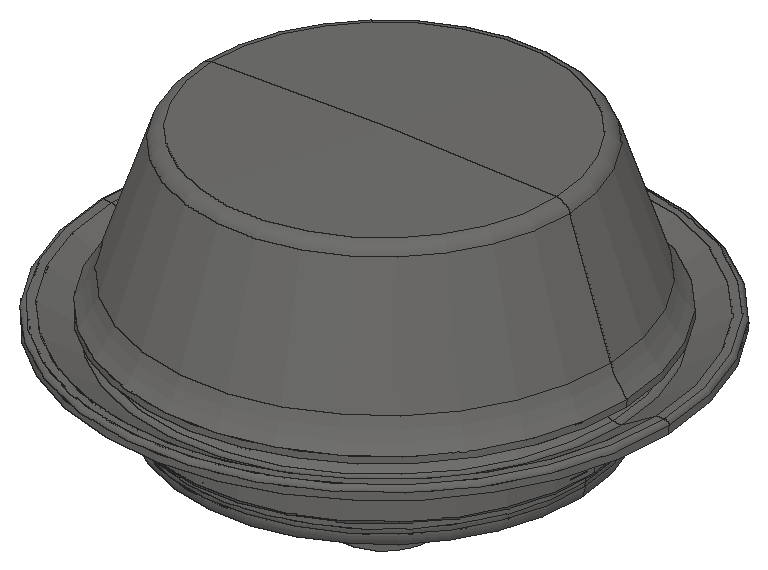
Revit family "Roof_Drain-Josam- Large-Sump-21500", category Plumbing Fixtures, Revit 2012 (continued)
Definition of nested family "21500"
  Definition of nested family "Strainer"
    Lines and regions (in)
      model lines
        curve 196: arc (-6.00213, 0.84664, 0.90663) -> (-6.16721, 0.86807, 0.5423) -> (-6.39995, 0.90279, 0.21815) r 2.01089
        curve 197: spline (-6.39548, 0.90232, 0.23266) -> (-6.35239, 0.89567, 0.28325) -> (-6.31098, 0.88935, 0.33526) -> (-6.27129, 0.88339, 0.38863) -> (-6.23337, 0.87777, 0.4433) -> (-6.19725, 0.87252, 0.49922) -> (-6.16298, 0.86763, 0.55632) -> (-6.13059, 0.86311, 0.61454) -> (-6.10013, 0.85897, 0.67382) -> (-6.07161, 0.8552, 0.73408) -> (-6.04509, 0.85182, 0.79526) -> (-6.02057, 0.84883, 0.8573) -> (-5.9981, 0.84623, 0.92012)
        curve 198: arc (-6.39995, 0.90279, 0.21815) -> (-6.34829, 1.20444, 0.22014) -> (-6.28573, 1.50402, 0.21831) r 7.98078
        curve 199: arc (-6.28573, 1.50402, 0.21831) -> (-6.05667, 1.45056, 0.54239) -> (-5.89536, 1.40963, 0.90661) r 2.01105
        curve 200: arc (-4.91648, 1.14289, 3.87765) -> (-4.95903, 0.93897, 3.87888) -> (-4.99403, 0.73362, 3.87747) r 5.33322
        curve 201: line (-6.06071, -0.10077, 0.90661) -> (-5.04624, -0.11569, 3.87765)
        curve 202: spline (-5.04624, -0.11569, 3.87765) -> (-5.04709, -0.11577, 3.87886) -> (-5.04772, -0.11583, 3.88) -> (-5.04814, -0.11588, 3.88106) -> (-5.04835, -0.11591, 3.88205) -> (-5.04834, -0.11594, 3.88297) -> (-5.04813, -0.11594, 3.88381) -> (-5.04769, -0.11594, 3.88458) -> (-5.04705, -0.11592, 3.88528) -> (-5.04619, -0.11589, 3.8859) -> (-5.04512, -0.11584, 3.88645) -> (-5.04383, -0.11578, 3.88693) -> (-5.04233, -0.11571, 3.88733)
        curve 203: line (-5.04233, -0.11571, 3.88733) -> (-6.05539, -0.1008, 0.92024)
        curve 204: spline (-6.45682, -0.10647, 0.23263) -> (-6.45897, -0.10657, 0.23202) -> (-6.46081, -0.10666, 0.2313) -> (-6.46234, -0.10672, 0.23048) -> (-6.46356, -0.10677, 0.22955) -> (-6.46448, -0.10679, 0.22852) -> (-6.46509, -0.1068, 0.22738) -> (-6.46539, -0.10679, 0.22613) -> (-6.46539, -0.10675, 0.22478) -> (-6.46507, -0.1067, 0.22332) -> (-6.46445, -0.10663, 0.22175) -> (-6.46352, -0.10654, 0.22008) -> (-6.46229, -0.10643, 0.21831)
        curve 205: line (-5.01958, -0.5314, 3.87747) -> (-6.02411, -0.67262, 0.90663)
        curve 206: arc (-6.02411, -0.67262, 0.90663) -> (-6.18934, -0.69293, 0.5423) -> (-6.42339, -0.71718, 0.21815) r 2.01089
        curve 207: spline (-6.41895, -0.71652, 0.23266) -> (-6.37556, -0.71225, 0.28325) -> (-6.33389, -0.70806, 0.33526) -> (-6.29396, -0.70397, 0.38863) -> (-6.25583, -0.69998, 0.4433) -> (-6.21954, -0.69609, 0.49922) -> (-6.18513, -0.6923, 0.55632) -> (-6.15264, -0.68862, 0.61454) -> (-6.1221, -0.68506, 0.67382) -> (-6.09354, -0.68161, 0.73408) -> (-6.06701, -0.67829, 0.79526) -> (-6.04252, -0.67509, 0.8573) -> (-6.02011, -0.67202, 0.92012)
        curve 208: arc (-6.42339, -0.71718, 0.21815) -> (-6.44838, -0.41216, 0.22014) -> (-6.46229, -0.10643, 0.21831) r 7.98078
        curve 209: arc (-6.46229, -0.10643, 0.21831) -> (-6.22713, -0.10124, 0.54239) -> (-6.06071, -0.10077, 0.90661) r 2.01105
        curve 210: arc (-5.04624, -0.11569, 3.87765) -> (-5.03675, -0.32379, 3.87888) -> (-5.01958, -0.5314, 3.87747) r 5.33322
        curve 211: line (-5.84524, -1.60484, 0.90661) -> (-4.85893, -1.36701, 3.87765)
        curve 212: spline (-4.85893, -1.36701, 3.87765) -> (-4.85973, -1.36729, 3.87886) -> (-4.86033, -1.36751, 3.88) -> (-4.86073, -1.36766, 3.88106) -> (-4.86092, -1.36775, 3.88205) -> (-4.86091, -1.36777, 3.88297) -> (-4.8607, -1.36772, 3.88381) -> (-4.86028, -1.36761, 3.88458) -> (-4.85966, -1.36743, 3.88528) -> (-4.85883, -1.36718, 3.8859) -> (-4.85781, -1.36687, 3.88645) -> (-4.85657, -1.36649, 3.88693) -> (-4.85514, -1.36605, 3.88733)
        curve 213: line (-4.85514, -1.36605, 3.88733) -> (-5.84008, -1.60355, 0.92024)
        curve 214: spline (-6.22749, -1.70887, 0.23263) -> (-6.22954, -1.7095, 0.23202) -> (-6.2313, -1.71004, 0.2313) -> (-6.23277, -1.71049, 0.23048) -> (-6.23395, -1.71083, 0.22955) -> (-6.23483, -1.71109, 0.22852) -> (-6.23542, -1.71125, 0.22738) -> (-6.23571, -1.71131, 0.22613) -> (-6.23572, -1.71128, 0.22478) -> (-6.23542, -1.71115, 0.22332) -> (-6.23484, -1.71092, 0.22175) -> (-6.23396, -1.7106, 0.22008) -> (-6.23279, -1.71019, 0.21831)
        curve 215: line (-4.72973, -1.76302, 3.87747) -> (-5.66758, -2.14963, 0.90663)
        curve 216: arc (-5.66758, -2.14963, 0.90663) -> (-5.82257, -2.21038, 0.5423) -> (-6.04324, -2.29208, 0.21815) r 2.01089
        curve 217: spline (-6.0391, -2.29034, 0.23266) -> (-5.99814, -2.27541, 0.28325) -> (-5.95881, -2.26099, 0.33526) -> (-5.92115, -2.2471, 0.38863) -> (-5.88521, -2.23375, 0.4433) -> (-5.85103, -2.22095, 0.49922) -> (-5.81864, -2.20873, 0.55632) -> (-5.78809, -2.19709, 0.61454) -> (-5.75939, -2.18604, 0.67382) -> (-5.73259, -2.1756, 0.73408) -> (-5.70772, -2.16578, 0.79526) -> (-5.6848, -2.1566, 0.8573) -> (-5.66385, -2.14805, 0.92012)
        curve 218: arc (-6.04324, -2.29208, 0.21815) -> (-6.14329, -2.00285, 0.22014) -> (-6.23279, -1.71019, 0.21831) r 7.98078
        curve 219: arc (-6.23279, -1.71019, 0.21831) -> (-6.00632, -1.64669, 0.54239) -> (-5.84524, -1.60484, 0.90661) r 2.01105
        curve 220: arc (-4.85893, -1.36701, 3.87765) -> (-4.79799, -1.56621, 3.87888) -> (-4.72973, -1.76302, 3.87747) r 5.33322
        curve 221: line (-5.2625, -3.00808, 0.90661) -> (-4.36632, -2.53243, 3.87765)
        curve 222: spline (-4.36632, -2.53243, 3.87765) -> (-4.36703, -2.5329, 3.87886) -> (-4.36755, -2.53326, 3.88) -> (-4.3679, -2.53351, 3.88106) -> (-4.36806, -2.53364, 3.88205) -> (-4.36805, -2.53365, 3.88297) -> (-4.36785, -2.53355, 3.88381) -> (-4.36747, -2.53334, 3.88458) -> (-4.36692, -2.53301, 3.88528) -> (-4.36618, -2.53257, 3.8859) -> (-4.36526, -2.53201, 3.88645) -> (-4.36416, -2.53134, 3.88693) -> (-4.36288, -2.53056, 3.88733)
        curve 223: line (-4.36288, -2.53056, 3.88733) -> (-5.25782, -3.00554, 0.92024)
        curve 224: spline (-5.60686, -3.2039, 0.23263) -> (-5.60869, -3.20502, 0.23202) -> (-5.61027, -3.20598, 0.2313) -> (-5.61158, -3.20678, 0.23048) -> (-5.61263, -3.20741, 0.22955) -> (-5.61342, -3.20787, 0.22852) -> (-5.61395, -3.20817, 0.22738) -> (-5.61422, -3.2083, 0.22613) -> (-5.61423, -3.20827, 0.22478) -> (-5.61398, -3.20808, 0.22332) -> (-5.61347, -3.20771, 0.22175) -> (-5.6127, -3.20719, 0.22008) -> (-5.61167, -3.20649, 0.21831)
        curve 225: line (-4.14269, -2.88387, 3.87747) -> (-4.95493, -3.49156, 0.90663)
        curve 226: arc (-4.95493, -3.49156, 0.90663) -> (-5.08994, -3.58895, 0.5423) -> (-5.28336, -3.72296, 0.21815) r 2.01089
        curve 227: spline (-5.27978, -3.72024, 0.23266) -> (-5.24382, -3.6956, 0.28325) -> (-5.20931, -3.67185, 0.33526) -> (-5.1763, -3.64903, 0.38863) -> (-5.14481, -3.62717, 0.4433) -> (-5.11488, -3.60627, 0.49922) -> (-5.08655, -3.58638, 0.55632) -> (-5.05985, -3.5675, 0.61454) -> (-5.03481, -3.54966, 0.67382) -> (-5.01144, -3.53289, 0.73408) -> (-4.98979, -3.51719, 0.79526) -> (-4.96988, -3.50259, 0.8573) -> (-4.95172, -3.48911, 0.92012)
        curve 228: arc (-5.28336, -3.72296, 0.21815) -> (-5.4522, -3.4677, 0.22014) -> (-5.61167, -3.20649, 0.21831) r 7.98078
        curve 229: arc (-5.61167, -3.20649, 0.21831) -> (-5.4081, -3.08866, 0.54239) -> (-5.2625, -3.00808, 0.90661) r 2.01105
        curve 230: arc (-4.36632, -2.53243, 3.87765) -> (-4.25775, -2.71021, 3.87888) -> (-4.14269, -2.88387, 3.87747) r 5.33322
        curve 231: line (-4.34909, -4.2223, 0.90661) -> (-3.59935, -3.53873, 3.87765)
        curve 232: spline (-3.59935, -3.53873, 3.87765) -> (-3.59992, -3.53936, 3.87886) -> (-3.60034, -3.53984, 3.88) -> (-3.60061, -3.54016, 3.88106) -> (-3.60074, -3.54033, 3.88205) -> (-3.60072, -3.54034, 3.88297) -> (-3.60056, -3.5402, 3.88381) -> (-3.60024, -3.5399, 3.88458) -> (-3.59979, -3.53944, 3.88528) -> (-3.59918, -3.53883, 3.8859) -> (-3.59843, -3.53806, 3.88645) -> (-3.59754, -3.53714, 3.88693) -> (-3.59649, -3.53606, 3.88733)
        curve 233: line (-3.59649, -3.53606, 3.88733) -> (-4.34518, -4.21868, 0.92024)
        curve 234: spline (-4.63394, -4.49761, 0.23263) -> (-4.63543, -4.49916, 0.23202) -> (-4.63671, -4.50048, 0.2313) -> (-4.63779, -4.50157, 0.23048) -> (-4.63865, -4.50244, 0.22955) -> (-4.6393, -4.50309, 0.22852) -> (-4.63974, -4.50351, 0.22738) -> (-4.63997, -4.50371, 0.22613) -> (-4.63999, -4.50368, 0.22478) -> (-4.63979, -4.50343, 0.22332) -> (-4.63939, -4.50295, 0.22175) -> (-4.63877, -4.50225, 0.22008) -> (-4.63795, -4.50132, 0.21831)
        curve 235: line (-3.29535, -3.82351, 3.87747) -> (-3.93095, -4.61411, 0.90663)
        curve 236: arc (-3.93095, -4.61411, 0.90663) -> (-4.03749, -4.74202, 0.5423) -> (-4.19151, -4.91991, 0.21815) r 2.01089
        curve 237: spline (-4.18872, -4.9164, 0.23266) -> (-4.16002, -4.88358, 0.28325) -> (-4.1325, -4.852, 0.33526) -> (-4.1062, -4.82169, 0.38863) -> (-4.08114, -4.79267, 0.4433) -> (-4.05735, -4.76499, 0.49922) -> (-4.03485, -4.73868, 0.55632) -> (-4.01369, -4.71375, 0.61454) -> (-3.99386, -4.69025, 0.67382) -> (-3.97541, -4.66819, 0.73408) -> (-3.95834, -4.64761, 0.79526) -> (-3.94268, -4.62851, 0.8573) -> (-3.92844, -4.61093, 0.92012)
        curve 238: arc (-4.19151, -4.91991, 0.21815) -> (-4.41852, -4.71467, 0.22014) -> (-4.63795, -4.50132, 0.21831) r 7.98078
        curve 239: arc (-4.63795, -4.50132, 0.21831) -> (-4.47008, -4.33657, 0.54239) -> (-4.34909, -4.2223, 0.90661) r 2.01105
        curve 240: arc (-3.59935, -3.53873, 3.87765) -> (-3.44998, -3.68393, 3.87888) -> (-3.29535, -3.82351, 3.87747) r 5.33322
        curve 241: line (-3.16241, -5.17122, 0.90661) -> (-2.60623, -4.32267, 3.87765)
        curve 242: spline (-2.60623, -4.32267, 3.87765) -> (-2.60662, -4.32343, 3.87886) -> (-2.60691, -4.324, 3.88) -> (-2.60709, -4.32438, 3.88106) -> (-2.60717, -4.32457, 3.88205) -> (-2.60715, -4.32458, 3.88297) -> (-2.60703, -4.3244, 3.88381) -> (-2.6068, -4.32403, 3.88458) -> (-2.60647, -4.32348, 3.88528) -> (-2.60604, -4.32273, 3.8859) -> (-2.6055, -4.3218, 3.88645) -> (-2.60486, -4.32069, 3.88693) -> (-2.60412, -4.31938, 3.88733)
        curve 243: line (-2.60412, -4.31938, 3.88733) -> (-3.15953, -5.16675, 0.92024)
        curve 244: spline (-3.36984, -5.50872, 0.23263) -> (-3.3709, -5.51059, 0.23202) -> (-3.37182, -5.51219, 0.2313) -> (-3.37259, -5.51352, 0.23048) -> (-3.3732, -5.51458, 0.22955) -> (-3.37367, -5.51536, 0.22852) -> (-3.374, -5.51588, 0.22738) -> (-3.37417, -5.51613, 0.22613) -> (-3.37419, -5.51611, 0.22478) -> (-3.37407, -5.51581, 0.22332) -> (-3.3738, -5.51525, 0.22175) -> (-3.37337, -5.51442, 0.22008) -> (-3.3728, -5.51332, 0.21831)
        curve 245: line (-2.24095, -4.52291, 3.87747) -> (-2.65997, -5.44673, 0.90663)
        curve 246: arc (-2.65997, -5.44673, 0.90663) -> (-2.73136, -5.59712, 0.5423) -> (-2.83629, -5.80773, 0.21815) r 2.01089
        curve 247: spline (-2.83447, -5.80363, 0.23266) -> (-2.81483, -5.76471, 0.28325) -> (-2.79603, -5.72728, 0.33526) -> (-2.77809, -5.69137, 0.38863) -> (-2.76103, -5.65704, 0.4433) -> (-2.74487, -5.62431, 0.49922) -> (-2.72963, -5.59323, 0.55632) -> (-2.71533, -5.56383, 0.61454) -> (-2.70197, -5.53613, 0.67382) -> (-2.68958, -5.51018, 0.73408) -> (-2.67817, -5.48599, 0.79526) -> (-2.66775, -5.4636, 0.8573) -> (-2.65833, -5.44304, 0.92012)
        curve 248: arc (-2.83629, -5.80773, 0.21815) -> (-3.10722, -5.66539, 0.22014) -> (-3.3728, -5.51332, 0.21831) r 7.98078
        curve 249: arc (-3.3728, -5.51332, 0.21831) -> (-3.25118, -5.31199, 0.54239) -> (-3.16241, -5.17122, 0.90661) r 2.01105
        curve 250: arc (-2.60623, -4.32267, 3.87765) -> (-2.42544, -4.42616, 3.87888) -> (-2.24095, -4.52291, 3.87747) r 5.33322
        curve 251: arc (-0.32653, 3.47609, 4.40988) -> (-0.4141, 3.89942, 4.39529) -> (-0.50165, 4.3227, 4.37899) r 109.07108
        curve 252: arc (-0.50165, 4.3227, 4.37899) -> (-0.00192, 4.33914, 4.37949) -> (0.49781, 4.35558, 4.3777) r 109.18635
        curve 253: arc (0.49781, 4.35559, 4.3777) -> (0.45987, 3.91578, 4.39453) -> (0.42194, 3.47592, 4.40956) r 109.06963
        curve 254: arc (0.42194, 3.47592, 4.40956) -> (0.04772, 3.47592, 4.41036) -> (-0.32649, 3.47592, 4.40989) r 109.26774
        curve 255: arc (1.11556, 3.30837, 4.40988) -> (1.20774, 3.73073, 4.39529) -> (1.29992, 4.15303, 4.37899) r 109.07108
        curve 256: arc (1.29992, 4.15303, 4.37899) -> (1.76313, 3.96479, 4.37949) -> (2.22634, 3.77655, 4.3777) r 109.18635
        curve 257: arc (2.22634, 3.77655, 4.3777) -> (2.01281, 3.3902, 4.39453) -> (1.79924, 3.00379, 4.40956) r 109.06963
        curve 258: arc (1.79924, 3.00379, 4.40956) -> (1.45738, 3.156, 4.41036) -> (1.11552, 3.3082, 4.40989) r 109.26774
        curve 259: arc (-1.71215, 3.04275, 4.40988) -> (-1.96433, 3.39387, 4.39529) -> (-2.21648, 3.74494, 4.37899) r 109.07108
        curve 260: arc (-2.21648, 3.74494, 4.37899) -> (-1.76664, 3.96322, 4.37949) -> (-1.31681, 4.1815, 4.3777) r 109.18635
        curve 261: arc (-1.31681, 4.1815, 4.3777) -> (-1.17258, 3.76429, 4.39453) -> (-1.02832, 3.34703, 4.40956) r 109.06963
        curve 262: arc (-1.02832, 3.34703, 4.40956) -> (-1.37019, 3.19482, 4.41036) -> (-1.71205, 3.04261, 4.40989) r 109.26774
        curve 263: arc (-2.80172, 2.0833, 4.40988) -> (-3.17492, 2.30149, 4.39529) -> (-3.54807, 2.51965, 4.37899) r 109.07108
        curve 264: arc (-3.54807, 2.51965, 4.37899) -> (-3.2259, 2.90203, 4.37949) -> (-2.90373, 3.2844, 4.3777) r 109.18635
        curve 265: arc (-2.90373, 3.2844, 4.3777) -> (-2.60228, 2.96192, 4.39453) -> (-2.30078, 2.6394, 4.40956) r 109.06963
        curve 266: arc (-2.30078, 2.6394, 4.40956) -> (-2.55118, 2.36131, 4.41036) -> (-2.80157, 2.08321, 4.40989) r 109.26774
        curve 267: arc (-3.40686, 0.76363, 4.40988) -> (-3.83654, 0.81116, 4.39529) -> (-4.26615, 0.85869, 4.37899) r 109.07108
        curve 268: arc (-4.26615, 0.85869, 4.37899) -> (-4.12736, 1.33904, 4.37949) -> (-3.98858, 1.81939, 4.3777) r 109.18635
        curve 269: arc (-3.98858, 1.81939, 4.3777) -> (-3.58202, 1.64741, 4.39453) -> (-3.17541, 1.4754, 4.40956) r 109.06963
        curve 270: arc (-3.17541, 1.4754, 4.40956) -> (-3.29105, 1.11951, 4.41036) -> (-3.40668, 0.76361, 4.40989) r 109.26774
        curve 271: arc (-3.42291, -0.68809, 4.40988) -> (-3.83478, -0.81943, 4.39529) -> (-4.24658, -0.95075, 4.37899) r 109.07108
        curve 272: arc (-4.24658, -0.95075, 4.37899) -> (-4.31517, -0.45548, 4.37949) -> (-4.38376, 0.0398, 4.3777) r 109.18635
        curve 273: arc (-4.38376, 0.0398, 4.3777) -> (-3.9424, 0.04804, 4.39453) -> (-3.50098, 0.05629, 4.40956) r 109.06963
        curve 274: arc (-3.50098, 0.05629, 4.40956) -> (-3.46186, -0.31587, 4.41036) -> (-3.42275, -0.68803, 4.40989) r 109.26774
        curve 275: arc (-2.84712, -2.02082, 4.40988) -> (-3.16995, -2.30833, 4.39529) -> (-3.49274, -2.5958, 4.37899) r 109.07108
        curve 276: arc (-3.49274, -2.5958, 4.37899) -> (-3.75685, -2.17124, 4.37949) -> (-4.02095, -1.74668, 4.3777) r 109.18635
        curve 277: arc (-4.02095, -1.74668, 4.3777) -> (-3.6211, -1.55963, 4.39453) -> (-3.2212, -1.37255, 4.40956) r 109.06963
        curve 278: arc (-3.2212, -1.37255, 4.40956) -> (-3.03409, -1.69663, 4.41036) -> (-2.84699, -2.02071, 4.40989) r 109.26774
        curve 279: arc (-1.77903, -3.00414, 4.40988) -> (-1.95701, -3.3981, 4.39529) -> (-2.13497, -3.792, 4.37899) r 109.07108
        curve 280: arc (-2.13497, -3.792, 4.37899) -> (-2.54893, -3.51157, 4.37949) -> (-2.96288, -3.23114, 4.3777) r 109.18635
        curve 281: arc (-2.96288, -3.23114, 4.3777) -> (-2.67369, -2.89763, 4.39453) -> (-2.38445, -2.56407, 4.40956) r 109.06963
        curve 282: arc (-2.38445, -2.56407, 4.40956) -> (-2.0817, -2.78402, 4.41036) -> (-1.77896, -3.00398, 4.40989) r 109.26774
        curve 283: arc (-0.40333, -3.46801, 4.40988) -> (-0.40569, -3.90031, 4.39529) -> (-0.40805, -4.33254, 4.37899) r 109.07108
        curve 284: arc (-0.40805, -4.33254, 4.37899) -> (-0.90028, -4.24472, 4.37949) -> (-1.3925, -4.15691, 4.3777) r 109.18635
        curve 285: arc (-1.3925, -4.15691, 4.3777) -> (-1.26396, -3.7346, 4.39453) -> (-1.1354, -3.31223, 4.40956) r 109.06963
        curve 286: arc (-1.1354, -3.31223, 4.40956) -> (-0.76936, -3.39004, 4.41036) -> (-0.40333, -3.46784, 4.40989) r 109.26774
        curve 287: arc (1.04211, -3.33224, 4.40988) -> (1.21578, -3.72812, 4.39529) -> (1.38943, -4.12394, 4.37899) r 109.07108
        curve 288: arc (1.38943, -4.12394, 4.37899) -> (0.90404, -4.24392, 4.37949) -> (0.41865, -4.3639, 4.3777) r 109.18635
        curve 289: arc (0.41865, -4.3639, 4.3777) -> (0.36431, -3.92583, 4.39453) -> (0.30997, -3.48769, 4.40956) r 109.06963
        curve 290: arc (0.30997, -3.48769, 4.40956) -> (0.676, -3.40988, 4.41036) -> (1.04204, -3.33208, 4.40989) r 109.26774
        curve 291: arc (2.30736, -2.62029, 4.40988) -> (2.62703, -2.9113, 4.39529) -> (2.94667, -3.20227, 4.37899) r 109.07108
        curve 292: arc (2.94667, -3.20227, 4.37899) -> (2.55204, -3.50931, 4.37949) -> (2.15742, -3.81635, 4.3777) r 109.18635
        curve 293: arc (2.15742, -3.81635, 4.3777) -> (1.92959, -3.43824, 4.39453) -> (1.70174, -3.06008, 4.40956) r 109.06963
        curve 294: arc (1.70174, -3.06008, 4.40956) -> (2.00448, -2.84013, 4.41036) -> (2.30723, -2.62017, 4.40989) r 109.26774
        curve 295: arc (3.17364, -1.45526, 4.40988) -> (3.58405, -1.59109, 4.39529) -> (3.9944, -1.72691, 4.37899) r 109.07108
        curve 296: arc (3.9944, -1.72691, 4.37899) -> (3.75877, -2.16791, 4.37949) -> (3.52314, -2.6089, 4.3777) r 109.18635
        curve 297: arc (3.52314, -2.60891, 4.3777) -> (3.16123, -2.35615, 4.39453) -> (2.79926, -2.10337, 4.40956) r 109.06963
        curve 298: arc (2.79926, -2.10337, 4.40956) -> (2.98637, -1.77929, 4.41036) -> (3.17348, -1.45521, 4.40989) r 109.26774
        curve 299: arc (3.49117, -0.03861, 4.40988) -> (3.92135, 0.00423, 4.39529) -> (4.35146, 0.04706, 4.37899) r 109.07108
        curve 300: arc (4.35146, 0.04706, 4.37899) -> (4.31557, -0.45165, 4.37949) -> (4.27969, -0.95036, 4.3777) r 109.18635
        curve 301: arc (4.27969, -0.95036, 4.3777) -> (3.84626, -0.86667, 4.39453) -> (3.41277, -0.78296, 4.40956) r 109.06963
        curve 302: arc (3.41277, -0.78296, 4.40956) -> (3.45189, -0.41079, 4.41036) -> (3.491, -0.03863, 4.40989) r 109.26774
        curve 303: arc (3.20505, 1.38471, 4.40988) -> (3.58061, 1.59882, 4.39529) -> (3.95611, 1.81289, 4.37899) r 109.07108
        curve 304: arc (3.95611, 1.81289, 4.37899) -> (4.12618, 1.3427, 4.37949) -> (4.29624, 0.87251, 4.3777) r 109.18635
        curve 305: arc (4.29624, 0.87251, 4.3777) -> (3.86624, 0.77268, 4.39453) -> (3.43618, 0.67283, 4.40956) r 109.06963
        curve 306: arc (3.43618, 0.67283, 4.40956) -> (3.32054, 1.02873, 4.41036) -> (3.2049, 1.38463, 4.40989) r 109.26774
        curve 307: arc (2.36475, 2.56861, 4.40988) -> (2.62075, 2.91696, 4.39529) -> (2.87672, 3.26525, 4.37899) r 109.07108
        curve 308: arc (2.87672, 3.26525, 4.37899) -> (3.22333, 2.90488, 4.37949) -> (3.56993, 2.54451, 4.3777) r 109.18635
        curve 309: arc (3.56993, 2.54451, 4.3777) -> (3.21771, 2.27842, 4.39453) -> (2.86544, 2.01228, 4.40956) r 109.06963
        curve 310: arc (2.86544, 2.01228, 4.40956) -> (2.61504, 2.29038, 4.41036) -> (2.36464, 2.56847, 4.40989) r 109.26774
        curve 311: spline (-0.32649, 3.04976, 4.42522) -> (-0.32247, 2.99238, 4.42686) -> (-0.31846, 2.935, 4.42847) -> (-0.31445, 2.87761, 4.43005) -> (-0.31044, 2.82022, 4.4316) -> (-0.30642, 2.76284, 4.43312) -> (-0.30241, 2.70545, 4.4346) -> (-0.2984, 2.64806, 4.43606) -> (-0.29438, 2.59067, 4.43749) -> (-0.29037, 2.53328, 4.43888) -> (-0.28636, 2.47589, 4.44024) -> (-0.28234, 2.4185, 4.44157) -> (-0.27833, 2.36111, 4.44287)
        curve 312: arc (-0.32649, 3.04982, 4.42651) -> (-0.00035, 3.04982, 4.427) -> (0.32579, 3.04982, 4.42652) r 109.31633
        curve 313: arc (0.32579, 3.04982, 4.42652) -> (0.29609, 2.70549, 4.43566) -> (0.26639, 2.36114, 4.44371) r 109.06985
        curve 314: arc (0.26639, 2.36114, 4.44371) -> (-0.00597, 2.36114, 4.44404) -> (-0.27833, 2.36114, 4.44368) r 109.41764
        curve 315: spline (0.94219, 2.91889, 4.42522) -> (0.92252, 2.86484, 4.42686) -> (0.90284, 2.81078, 4.42847) -> (0.88317, 2.75673, 4.43005) -> (0.86349, 2.70267, 4.4316) -> (0.84382, 2.64861, 4.43312) -> (0.82414, 2.59455, 4.4346) -> (0.80446, 2.54049, 4.43606) -> (0.78479, 2.48643, 4.43749) -> (0.76511, 2.43237, 4.43888) -> (0.74543, 2.37831, 4.44024) -> (0.72576, 2.32425, 4.44157) -> (0.70608, 2.27019, 4.44287)
        curve 316: arc (0.94221, 2.91895, 4.42651) -> (1.24015, 2.78629, 4.427) -> (1.5381, 2.65364, 4.42652) r 109.31633
        curve 317: arc (1.5381, 2.65364, 4.42652) -> (1.37092, 2.35116, 4.43566) -> (1.20372, 2.04865, 4.44371) r 109.06985
        curve 318: arc (1.20372, 2.04865, 4.44371) -> (0.95491, 2.15943, 4.44404) -> (0.70609, 2.27021, 4.44368) r 109.41764
        curve 319: spline (-1.53871, 2.6533, 4.42522) -> (-1.51171, 2.60251, 4.42686) -> (-1.4847, 2.55172, 4.42847) -> (-1.45769, 2.50093, 4.43005) -> (-1.43069, 2.45014, 4.4316) -> (-1.40368, 2.39934, 4.43312) -> (-1.37667, 2.34855, 4.4346) -> (-1.34966, 2.29776, 4.43606) -> (-1.32265, 2.24696, 4.43749) -> (-1.29565, 2.19616, 4.43888) -> (-1.26864, 2.14537, 4.44024) -> (-1.24163, 2.09457, 4.44157) -> (-1.21462, 2.04377, 4.44287)
        curve 320: arc (-1.53874, 2.65335, 4.42651) -> (-1.24079, 2.78601, 4.427) -> (-0.94285, 2.91866, 4.42652) r 109.31633
        curve 321: arc (-0.94285, 2.91866, 4.42652) -> (-0.82993, 2.59202, 4.43566) -> (-0.717, 2.26536, 4.44371) r 109.06985
        curve 322: arc (-0.717, 2.26536, 4.44371) -> (-0.96581, 2.15458, 4.44404) -> (-1.21463, 2.0438, 4.44368) r 109.41764
        curve 323: spline (-2.48488, 1.79806, 4.42522) -> (-2.43955, 1.76265, 4.42686) -> (-2.39422, 1.72723, 4.42847) -> (-2.34889, 1.69182, 4.43005) -> (-2.30356, 1.6564, 4.4316) -> (-2.25823, 1.62098, 4.43312) -> (-2.21289, 1.58556, 4.4346) -> (-2.16756, 1.55015, 4.43606) -> (-2.12223, 1.51473, 4.43749) -> (-2.07689, 1.47931, 4.43888) -> (-2.03156, 1.44389, 4.44024) -> (-1.98622, 1.40847, 4.44157) -> (-1.94088, 1.37305, 4.44287)
        curve 324: arc (-2.48492, 1.7981, 4.42651) -> (-2.26669, 2.04047, 4.427) -> (-2.04846, 2.28284, 4.42652) r 109.31633
        curve 325: arc (-2.04846, 2.28284, 4.42652) -> (-1.81245, 2.03037, 4.43566) -> (-1.57641, 1.77788, 4.44371) r 109.06985
        curve 326: arc (-1.57641, 1.77788, 4.44371) -> (-1.75866, 1.57547, 4.44404) -> (-1.94091, 1.37307, 4.44368) r 109.41764
        curve 327: spline (-3.00139, 0.63192, 4.42522) -> (-2.94557, 0.61801, 4.42686) -> (-2.88976, 0.60409, 4.42847) -> (-2.83394, 0.59017, 4.43005) -> (-2.77812, 0.57626, 4.4316) -> (-2.7223, 0.56234, 4.43312) -> (-2.66649, 0.54842, 4.4346) -> (-2.61067, 0.5345, 4.43606) -> (-2.55485, 0.52059, 4.43749) -> (-2.49902, 0.50667, 4.43888) -> (-2.4432, 0.49275, 4.44024) -> (-2.38738, 0.47883, 4.44157) -> (-2.33156, 0.46491, 4.44287)
        curve 328: arc (-3.00144, 0.63194, 4.42651) -> (-2.90066, 0.94211, 4.427) -> (-2.79988, 1.25229, 4.42652) r 109.31633
        curve 329: arc (-2.79988, 1.25229, 4.42652) -> (-2.48158, 1.11764, 4.43566) -> (-2.16325, 0.98299, 4.44371) r 109.06985
        curve 330: arc (-2.16325, 0.98299, 4.44371) -> (-2.24742, 0.72395, 4.44404) -> (-2.33158, 0.46492, 4.44368) r 109.41764
        curve 331: spline (-2.99893, -0.64349, 4.42522) -> (-2.94228, -0.6335, 4.42686) -> (-2.88563, -0.62351, 4.42847) -> (-2.82898, -0.61352, 4.43005) -> (-2.77233, -0.60353, 4.4316) -> (-2.71567, -0.59354, 4.43312) -> (-2.65902, -0.58355, 4.4346) -> (-2.60236, -0.57356, 4.43606) -> (-2.54571, -0.56357, 4.43749) -> (-2.48905, -0.55358, 4.43888) -> (-2.4324, -0.54359, 4.44024) -> (-2.37574, -0.5336, 4.44157) -> (-2.31908, -0.52361, 4.44287)
        curve 332: arc (-2.99899, -0.6435, 4.42651) -> (-3.03308, -0.31914, 4.427) -> (-3.06717, 0.00521, 4.42652) r 109.31633
        curve 333: arc (-3.06717, 0.00521, 4.42652) -> (-2.72162, 0.01167, 4.43566) -> (-2.37605, 0.01813, 4.44371) r 109.06985
        curve 334: arc (-2.37605, 0.01813, 4.44371) -> (-2.34758, -0.25274, 4.44404) -> (-2.31911, -0.52361, 4.44368) r 109.41764
        curve 335: spline (-2.47793, -1.80763, 4.42522) -> (-2.43024, -1.77546, 4.42686) -> (-2.38255, -1.74329, 4.42847) -> (-2.33486, -1.71113, 4.43005) -> (-2.28717, -1.67896, 4.4316) -> (-2.23948, -1.64679, 4.43312) -> (-2.19178, -1.61462, 4.4346) -> (-2.14409, -1.58245, 4.43606) -> (-2.0964, -1.55028, 4.43749) -> (-2.0487, -1.51811, 4.43888) -> (-2.00101, -1.48594, 4.44024) -> (-1.95331, -1.45377, 4.44157) -> (-1.90561, -1.4216, 4.44287)
        curve 336: arc (-2.47798, -1.80766, 4.42651) -> (-2.64105, -1.52521, 4.427) -> (-2.80412, -1.24277, 4.42652) r 109.31633
        curve 337: arc (-2.80412, -1.24277, 4.42652) -> (-2.49107, -1.09632, 4.43566) -> (-2.178, -0.94986, 4.44371) r 109.06985
        curve 338: arc (-2.178, -0.94986, 4.44371) -> (-2.04182, -1.18574, 4.44404) -> (-1.90564, -1.42161, 4.44368) r 109.41764
        curve 339: spline (-1.52847, -2.65922, 4.42522) -> (-1.49799, -2.61043, 4.42686) -> (-1.46751, -2.56165, 4.42847) -> (-1.43702, -2.51286, 4.43005) -> (-1.40654, -2.46408, 4.4316) -> (-1.37605, -2.41529, 4.43312) -> (-1.34557, -2.36651, 4.4346) -> (-1.31508, -2.31772, 4.43606) -> (-1.2846, -2.26893, 4.43749) -> (-1.25411, -2.22014, 4.43888) -> (-1.22362, -2.17135, 4.44024) -> (-1.19314, -2.12257, 4.44157) -> (-1.16265, -2.07377, 4.44287)
        curve 340: arc (-1.5285, -2.65926, 4.42651) -> (-1.79236, -2.46756, 4.427) -> (-2.05621, -2.27586, 4.42652) r 109.31633
        curve 341: arc (-2.05621, -2.27586, 4.42652) -> (-1.82979, -2.01475, 4.43566) -> (-1.60336, -1.75362, 4.44371) r 109.06985
        curve 342: arc (-1.60336, -1.75362, 4.44371) -> (-1.38301, -1.91371, 4.44404) -> (-1.16266, -2.0738, 4.44368) r 109.41764
        curve 343: spline (-0.31473, -3.051, 4.42522) -> (-0.30672, -2.99404, 4.42686) -> (-0.29872, -2.93707, 4.42847) -> (-0.29071, -2.88011, 4.43005) -> (-0.28271, -2.82314, 4.4316) -> (-0.2747, -2.76617, 4.43312) -> (-0.26669, -2.7092, 4.4346) -> (-0.25869, -2.65223, 4.43606) -> (-0.25068, -2.59527, 4.43749) -> (-0.24267, -2.53829, 4.43888) -> (-0.23467, -2.48132, 4.44024) -> (-0.22666, -2.42435, 4.44157) -> (-0.21865, -2.36738, 4.44287)
        curve 344: arc (-0.31474, -3.05106, 4.42651) -> (-0.63375, -2.98325, 4.427) -> (-0.95276, -2.91544, 4.42652) r 109.31633
        curve 345: arc (-0.95276, -2.91544, 4.42652) -> (-0.85213, -2.58481, 4.43566) -> (-0.75148, -2.25415, 4.44371) r 109.06985
        curve 346: arc (-0.75148, -2.25415, 4.44371) -> (-0.48507, -2.31078, 4.44404) -> (-0.21866, -2.36741, 4.44368) r 109.41764
        curve 347: spline (0.95343, -2.91524, 4.42522) -> (0.93758, -2.85994, 4.42686) -> (0.92172, -2.80465, 4.42847) -> (0.90587, -2.74935, 4.43005) -> (0.89001, -2.69405, 4.4316) -> (0.87415, -2.63875, 4.43312) -> (0.8583, -2.58345, 4.4346) -> (0.84244, -2.52815, 4.43606) -> (0.82658, -2.47285, 4.43749) -> (0.81072, -2.41755, 4.43888) -> (0.79487, -2.36225, 4.44024) -> (0.77901, -2.30695, 4.44157) -> (0.76315, -2.25164, 4.44287)
        curve 348: arc (0.95345, -2.91529, 4.42651) -> (0.63444, -2.9831, 4.427) -> (0.31542, -3.05091, 4.42652) r 109.31633
        curve 349: arc (0.31542, -3.05091, 4.42652) -> (0.27288, -2.70793, 4.43566) -> (0.23034, -2.36493, 4.44371) r 109.06985
        curve 350: arc (0.23034, -2.36493, 4.44371) -> (0.49675, -2.3083, 4.44404) -> (0.76316, -2.25167, 4.44368) r 109.41764
        curve 351: spline (2.05674, -2.27541, 4.42522) -> (2.01976, -2.23134, 4.42686) -> (1.98279, -2.18727, 4.42847) -> (1.94581, -2.14321, 4.43005) -> (1.90883, -2.09914, 4.4316) -> (1.87186, -2.05507, 4.43312) -> (1.83488, -2.011, 4.4346) -> (1.7979, -1.96693, 4.43606) -> (1.76092, -1.92286, 4.43749) -> (1.72394, -1.87879, 4.43888) -> (1.68696, -1.83472, 4.44024) -> (1.64998, -1.79065, 4.44157) -> (1.613, -1.74658, 4.44287)
        curve 352: arc (2.05678, -2.27545, 4.42651) -> (1.79292, -2.46715, 4.427) -> (1.52907, -2.65885, 4.42652) r 109.31633
        curve 353: arc (1.52907, -2.65885, 4.42652) -> (1.3507, -2.36283, 4.43566) -> (1.17232, -2.06678, 4.44371) r 109.06985
        curve 354: arc (1.17232, -2.06678, 4.44371) -> (1.39267, -1.90669, 4.44404) -> (1.61302, -1.7466, 4.44368) r 109.41764
        curve 355: spline (2.80442, -1.24214, 4.42522) -> (2.75272, -1.21692, 4.42686) -> (2.70101, -1.1917, 4.42847) -> (2.64931, -1.16648, 4.43005) -> (2.5976, -1.14127, 4.4316) -> (2.5459, -1.11605, 4.43312) -> (2.49419, -1.09083, 4.4346) -> (2.44249, -1.06561, 4.43606) -> (2.39078, -1.04039, 4.43749) -> (2.33907, -1.01517, 4.43888) -> (2.28736, -0.98995, 4.44024) -> (2.23565, -0.96473, 4.44157) -> (2.18394, -0.93951, 4.44287)
        curve 356: arc (2.80447, -1.24216, 4.42651) -> (2.6414, -1.52461, 4.427) -> (2.47833, -1.80705, 4.42652) r 109.31633
        curve 357: arc (2.47833, -1.80705, 4.42652) -> (2.19498, -1.60917, 4.43566) -> (1.91161, -1.41127, 4.44371) r 109.06985
        curve 358: arc (1.91161, -1.41127, 4.44371) -> (2.04779, -1.1754, 4.44404) -> (2.18397, -0.93952, 4.44368) r 109.41764
        curve 359: spline (3.06718, 0.00591, 4.42522) -> (3.0097, 0.00792, 4.42686) -> (2.95221, 0.00993, 4.42847) -> (2.89472, 0.01193, 4.43005) -> (2.83722, 0.01394, 4.4316) -> (2.77973, 0.01595, 4.43312) -> (2.72224, 0.01796, 4.4346) -> (2.66475, 0.01996, 4.43606) -> (2.60725, 0.02197, 4.43749) -> (2.54976, 0.02398, 4.43888) -> (2.49226, 0.02599, 4.44024) -> (2.43476, 0.028, 4.44157) -> (2.37727, 0.03, 4.44287)
        curve 360: arc (3.06724, 0.00591, 4.42651) -> (3.03315, -0.31844, 4.427) -> (2.99906, -0.6428, 4.42652) r 109.31633
        curve 361: arc (2.99906, -0.6428, 4.42652) -> (2.65972, -0.57727, 4.43566) -> (2.32036, -0.51174, 4.44371) r 109.06985
        curve 362: arc (2.32036, -0.51174, 4.44371) -> (2.34883, -0.24087, 4.44404) -> (2.3773, 0.03, 4.44368) r 109.41764
        curve 363: spline (2.79961, 1.25294, 4.42522) -> (2.74627, 1.23139, 4.42686) -> (2.69294, 1.20984, 4.42847) -> (2.6396, 1.18829, 4.43005) -> (2.58626, 1.16674, 4.4316) -> (2.53292, 1.14519, 4.43312) -> (2.47959, 1.12364, 4.4346) -> (2.42625, 1.10209, 4.43606) -> (2.37291, 1.08054, 4.43749) -> (2.31956, 1.05899, 4.43888) -> (2.26622, 1.03743, 4.44024) -> (2.21288, 1.01588, 4.44157) -> (2.15954, 0.99433, 4.44287)
        curve 364: arc (2.79966, 1.25296, 4.42651) -> (2.90044, 0.94278, 4.427) -> (3.00123, 0.6326, 4.42652) r 109.31633
        curve 365: arc (3.00123, 0.6326, 4.42652) -> (2.66457, 0.55444, 4.43566) -> (2.32789, 0.47628, 4.44371) r 109.06985
        curve 366: arc (2.32789, 0.47628, 4.44371) -> (2.24373, 0.73531, 4.44404) -> (2.15956, 0.99434, 4.44368) r 109.41764
        curve 367: spline (2.04795, 2.28332, 4.42522) -> (2.00799, 2.24194, 4.42686) -> (1.96803, 2.20056, 4.42847) -> (1.92807, 2.15918, 4.43005) -> (1.88811, 2.1178, 4.4316) -> (1.84815, 2.07642, 4.43312) -> (1.80819, 2.03503, 4.4346) -> (1.76823, 1.99365, 4.43606) -> (1.72826, 1.95227, 4.43749) -> (1.6883, 1.91088, 4.43888) -> (1.64833, 1.8695, 4.44024) -> (1.60837, 1.82811, 4.44157) -> (1.5684, 1.78673, 4.44287)
        curve 368: arc (2.04799, 2.28336, 4.42651) -> (2.26622, 2.04099, 4.427) -> (2.48445, 1.79862, 4.42652) r 109.31633
        curve 369: arc (2.48445, 1.79862, 4.42652) -> (2.2087, 1.59029, 4.43566) -> (1.93292, 1.38194, 4.44371) r 109.06985
        curve 370: arc (1.93292, 1.38194, 4.44371) -> (1.75067, 1.58435, 4.44404) -> (1.56843, 1.78675, 4.44368) r 109.41764
        curve 371: circle (0, 0, 4.45531) r 1.62816 normal (0, 0, 1)
    Dimensions and locks (in)
      aligned and locked: plane 2 to level
Types (7): name | Pipe Size Radius | Pipe Size Diameter
  (no name) | 1" | 2"
  2In Diameter | 1" | 2"
  3In Diameter | 1 1/2" | 3"
  4In Diameter | 2" | 4"
  5In Diameter | 2 1/2" | 5"
  6In Diameter | 2 1/2" | 5"
  8In Diameter | 2 1/2" | 5"
